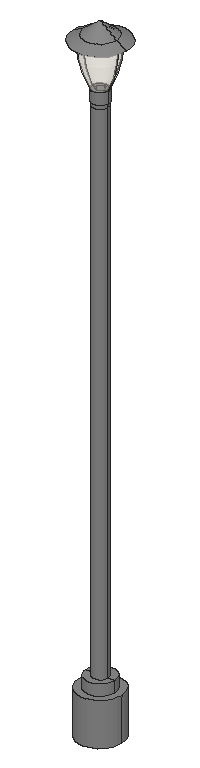
Revit family "e0069d2e33bc476fa34a9bf4c587bae0", category Lighting Fixtures, Revit 2021
Family settings
  Round Connector Dimension = Use Diameter
  Part Type = Normal
  OmniClass Number = 23.80.70.14.21
  OmniClass Title = Street and Roadway Lighting
  Seek Item ID = Street Light - Antique-0000-USA-ENU
  Work Plane-Based = No
  Always vertical = Yes
  Cut with Voids When Loaded = No
  Light Source = Yes
  Shared = No
  Room Calculation Point = No
Parameters (values of type "250W Halogen - 120V")
  Wattage = 250 W
  built-in parameter 1150110 = 1 (stored number, unit not read)
  built-in parameter 1114217 = 1 (stored number, unit not read)
  built-in parameter 1150109 = 1 (stored number, unit not read)
  built-in parameter 1150134 = 3
  built-in parameter 1150113 = 1 (stored number, unit not read)
  Tilt Angle = -90.00°
  Photometric Web File = "SLS1T4.IES"
  built-in parameter 1150115 = 1 (stored number, unit not read)
  built-in parameter 1150105 = 397.89 (stored number, unit not read)
  Load Classification = Lighting - Exterior
  built-in parameter 1150137 = 1
  built-in parameter 1150139 = (empty or 0)
  built-in parameter 1150112 = 1 (stored number, unit not read)
  built-in parameter 1150114 = 1 (stored number, unit not read)
  built-in parameter 1150132 = (empty or 0)
  built-in parameter 1150102 = (empty or 0)
  built-in parameter 1150138 = (empty or 0)
  built-in parameter 1150107 = 3200 (stored number, unit not read)
  built-in parameter 1150106 = 3.9789 (stored number, unit not read)
  built-in parameter 1150104 = 1.8581 (stored number, unit not read)
  Dimming Lamp Color Temperature Shift = <None>
  Diffuser Material = Glass, Frosted
  Default Elevation = 0' - 0"
  Color Filter = 16777215
  Voltage = 120 V
  Number of Poles = 1
  built-in parameter 1114218 = 1 (stored number, unit not read)
  built-in parameter 1150133 = 10 (stored number, unit not read)
  Assembly Code = "D5020280"
  Height = 14' - 11"
  Lamp = "T-4"
  Lumens = 5000 lm
  Shade Material = Steel, Paint Finish, Dark Gray, Matte
  Stand Material = Steel, Paint Finish, Dark Gray, Matte
  Wattage Comments = "250"
  Apparent Load = 250 VA
Types (10): name | Wattage | built-in parameter 1150134 | Tilt Angle | Photometric Web File | built-in parameter 1150105 | built-in parameter 1150107 | built-in parameter 1150106 | built-in parameter 1150104 | Voltage | Number of Poles | Height | Lamp | Lumens | Wattage Comments | Apparent Load
  (no name) | 250 W | 3 | -90.00° | "SLS1T4.IES" | 397.89 (stored number, unit not read) | 3200 (stored number, unit not read) | 3.9789 (stored number, unit not read) | 1.8581 (stored number, unit not read) | 120 V | 1 | 14' - 11" | "T-4" | 5000 lm | "250" | 250 VA
  400W Halogen - 120V | 400 W | 3 | -90.00° | "SLS1T3.ies" | 795.77 (stored number, unit not read) | 3200 (stored number, unit not read) | 7.9577 (stored number, unit not read) | 2.3226 (stored number, unit not read) | 120 V | 1 | 14' - 11" | "T-3" | 10000 lm | "400" | 400 VA
  250W Sodium - 120V | 250 W | 13 | 90.00° | "SLS1ET18.ies" | 2307.7 (stored number, unit not read) | 2100 (stored number, unit not read) | 23.077 (stored number, unit not read) | 10.777 (stored number, unit not read) | 120 V | 1 | 16' - 0" | "ET-18" | 29000 lm | "250" | 250 VA
  250W Halogen - 120V | 250 W | 3 | -90.00° | "SLS1T4.IES" | 397.89 (stored number, unit not read) | 3200 (stored number, unit not read) | 3.9789 (stored number, unit not read) | 1.8581 (stored number, unit not read) | 120 V | 1 | 14' - 11" | "T-4" | 5000 lm | "250" | 250 VA
  250W Halogen - 277V | 250 W | 3 | -90.00° | "SLS1T4.IES" | 397.89 (stored number, unit not read) | 3200 (stored number, unit not read) | 3.9789 (stored number, unit not read) | 1.8581 (stored number, unit not read) | 277 V | 1 | 14' - 11" | "T-4" | 5000 lm | "250" | 250 VA
  250W Halogen - 480V | 250 W | 3 | -90.00° | "SLS1T4.IES" | 397.89 (stored number, unit not read) | 3200 (stored number, unit not read) | 3.9789 (stored number, unit not read) | 1.8581 (stored number, unit not read) | 480 V | 3 | 14' - 11" | "T-4" | 5000 lm | "250" | 250 VA
  250W Sodium - 277V | 250 W | 13 | 90.00° | "SLS1ET18.ies" | 2307.7 (stored number, unit not read) | 2100 (stored number, unit not read) | 23.077 (stored number, unit not read) | 10.777 (stored number, unit not read) | 277 V | 1 | 16' - 0" | "ET-18" | 29000 lm | "250" | 250 VA
  250W Sodium - 480V | 250 W | 13 | 90.00° | "SLS1ET18.ies" | 2307.7 (stored number, unit not read) | 2100 (stored number, unit not read) | 23.077 (stored number, unit not read) | 10.777 (stored number, unit not read) | 480 V | 3 | 16' - 0" | "ET-18" | 29000 lm | "250" | 250 VA
  400W Halogen - 277V | 400 W | 3 | -90.00° | "SLS1T3.ies" | 795.77 (stored number, unit not read) | 3200 (stored number, unit not read) | 7.9577 (stored number, unit not read) | 2.3226 (stored number, unit not read) | 277 V | 1 | 14' - 11" | "T-3" | 10000 lm | "400" | 400 VA
  400W Halogen - 480V | 400 W | 3 | -90.00° | "SLS1T3.ies" | 795.77 (stored number, unit not read) | 3200 (stored number, unit not read) | 7.9577 (stored number, unit not read) | 2.3226 (stored number, unit not read) | 480 V | 3 | 14' - 11" | "T-3" | 10000 lm | "400" | 400 VA
Reference planes (in)
  plane 1 "Light Source Axis": y = 0
  plane 2: z = 0
  plane 3 "Light Source Axis": x = 0
  plane 4: z = 179
  plane 5: z = 174
  plane 6: z = 175.5
  plane 7: z = 162
  plane 8: z = 159
  plane 9: z = 158
  plane 10: x = -4.5
  plane 11: x = -7.5
  plane 12: x = -6.5
  plane 13: x = -3
  plane 14: x = 4
  plane 15: x = 3
  plane 16 "Light Source Elevation": z = 169
  plane 17: z = 12
Forms (in)
  Extrusion 1, solid, material "Steel, Paint Finish, Dark Gray, Matte" <- "Stand Material"
    sketch origin (0, 0, 0) x (1, 0, 0) y (0, 1, 0)
      loop
        circle (0, 0) r 6
    from 0 to 12
  Revolve 2, solid, material "Steel, Paint Finish, Dark Gray, Matte" <- "Shade Material"
    sketch origin (0, 0, 0) x (1, 0, 0) y (0, 0, 1)
      loop
        line (0, 179) -> (-4.5, 175.5) -> (-7.5, 174) -> (-4.5, 174) -> (-4.5, 174.34375) -> (-5.69447, 174.34375) -> (-4.23045, 175.07576) -> (0, 178.4162) -> (0, 179)
      loop
        line (-2.25977, 162) -> (-2.25977, 159) -> (-2.125, 159) -> (-2.125, 158) -> (-0.5, 158) -> (-0.5, 159) -> (-1.25977, 159) -> (-1.25977, 162) -> (-2.25977, 162)
      axis (0, 179) -> (0, 158)
    angle from 0 to 360
  Sweep 3, solid, material "Steel, Paint Finish, Dark Gray, Matte" <- "Stand Material"
    path origin (0, 0, 12) x (1, 0, 0) y (0, 1, 0)
      loop
        circle (0, 0) r 0.5
    profile origin (0, 0, 12) x (0, -1, 0) y (0, 0, 1)
      loop
        line (-1, 0) -> (-1, 146) -> (-2, 146) -> (-2, 3) -> (-4, 3) -> (-4, 0) -> (-1, 0)
  Revolve 4, solid, material "Glass, Frosted" <- "Diffuser Material"
    sketch origin (0, 0, 0) x (1, 0, 0) y (0, 0, 1)
      loop
        line (-2.25977, 162) -> (-2.00958, 162)
        arc (-2.00958, 162) -> (-4.29, 167.81722) -> (-5.19206, 174) r 27.37725
        line (-5.19206, 174) -> (-5.47516, 174)
        arc (-5.47516, 174) -> (-4.55714, 167.8152) -> (-2.25977, 162) r 27.37725
      axis (0, 174) -> (0, 162)
    angle from 0 to 360
Lines and regions (in)
  Masking region 1
    outline origin (0, 0, 0) x (1, 0, 0) y (0, 1, 0)
      loop
        circle (0, 0) r 6
  symbolic lines, style "Exterior"
    curve 1: arc (6, 0, 0) -> (0, 6, 0) -> (-6, 0, 0) r 6
    curve 2: arc (-6, 0, 0) -> (0, -6, 0) -> (6, 0, 0) r 6
    curve 3: arc (0.5, 0, 0) -> (0, 0.5, 0) -> (-0.5, 0, 0) r 0.5
    curve 4: arc (-0.5, 0, 0) -> (0, -0.5, 0) -> (0.5, 0, 0) r 0.5
Dimensions and locks (in)
  "Height": plane 4 to plane 2
  locked: plane 8 to plane 9 at 1
  locked: plane 7 to plane 8 at 3
  locked: plane 5 to plane 7 at 12
  locked: plane 6 to plane 5 at 1.5
  locked: plane 4 to plane 6 at 3.5
  aligned and locked: plane 10 to Revolve 2 sketch curve
  aligned and locked: plane 11 to Revolve 2 sketch curve
  aligned and locked: plane 5 to Revolve 2 sketch curve
  aligned and locked: Sweep 3 sketch curve to plane 9
  aligned and locked: Sweep 3 sketch curve to plane 17
  aligned and locked: Masking region 1 sketch curve to curve 1
  aligned and locked: imposter light to plane 3 "Light Source Axis"
  aligned and locked: plane 1 "Light Source Axis" to imposter light
  aligned and locked: imposter light to plane 5
Automatic sketch dimensions
  Extrusion 1 sketch curve to plane 1 "Light Source Axis" = 0' - 0"
  Extrusion 1 sketch curve to plane 3 "Light Source Axis" = 0' - 0"
  Extrusion 1 sketch curve to plane 3 "Light Source Axis" = 0' - 6"
  Sweep 3 sketch curve to plane 1 "Light Source Axis" = 0' - 0"
  Sweep 3 sketch curve to plane 3 "Light Source Axis" = 0' - 0"
  Sweep 3 sketch curve to plane 3 "Light Source Axis" = 0' - 0 1/2"
  Revolve 2 sketch curve to plane 10 = 0' - 0"
  Revolve 2 sketch curve to plane 7 = 0' - 0"
  Revolve 2 sketch curve to plane 8 = 0' - 0"  (x2)
  Revolve 2 sketch curve to plane 9 = 0' - 0"
  Revolve 2 sketch curve to plane 3 "Light Source Axis" = 0' - 0"
  Revolve 2 sketch curve to plane 5 = 0' - 0 11/32"
  Revolve 2 sketch curve to plane 12 = 0' - 0.80553"
  Revolve 2 sketch curve to plane 10 = 0' - 0 69/256"
  Revolve 2 sketch curve to plane 3 "Light Source Axis" = 0' - 2.25977"
  Revolve 2 sketch curve to Revolve 2 sketch curve = 0' - 0.13477"
  Revolve 2 sketch curve to Revolve 2 sketch curve = 0' - 1"
  Revolve 2 sketch curve to plane 3 "Light Source Axis" = 0' - 0 1/2"
  Revolve 2 sketch curve to plane 6 = 0' - 0"
  Revolve 2 sketch curve to plane 4 = 0' - 0"  (x2)
  plane 9 to Revolve 2 sketch curve = 0' - 3"
  plane 6 to Revolve 2 sketch curve = 0' - 0.42424"
  Revolve 2 sketch curve to Revolve 2 sketch curve = 0' - 0.5838"
  Revolve 2 sketch curve to Revolve 2 sketch curve = 0' - 10"
  Revolve 4 sketch curve to plane 5 = 0' - 0"
  Revolve 4 sketch curve to plane 7 = 0' - 0"
  Revolve 4 sketch curve to plane 3 "Light Source Axis" = 0' - 0"
  Revolve 4 sketch curve to plane 3 "Light Source Axis" = 0' - 2.00958"
  Revolve 4 sketch curve to Revolve 4 sketch curve = 0' - 0.2502"
  Revolve 4 sketch curve to plane 3 "Light Source Axis" = 0' - 5.19206"
  Revolve 4 sketch curve to Revolve 4 sketch curve = 0' - 0.2831"
  Revolve 4 sketch curve to plane 5 = 0' - 0.90096"
  Revolve 4 sketch curve to Revolve 4 sketch curve = 0' - 0.28519"
  Revolve 4 sketch curve to plane 8 = 0' - 1"
  Revolve 4 sketch curve to plane 4 = 0' - 7"
  curve 1 to plane 1 "Light Source Axis" = 0' - 0"
  curve 4 to plane 1 "Light Source Axis" = 0' - 0"
  curve 2 to plane 3 "Light Source Axis" = 0' - 0"
  curve 3 to plane 3 "Light Source Axis" = 0' - 0"
  curve 3 to plane 3 "Light Source Axis" = 0' - 0 1/2"
  curve 2 to plane 12 = 0' - 0 1/2"
  profile plane to Sweep 3 sketch curve = 0' - 3 1/2"
  profile plane to Sweep 3 sketch curve = 0' - 1 1/2"
  profile plane to Sweep 3 sketch curve = 0' - 0 1/2"
  Sweep 3 sketch curve to Sweep 3 sketch curve = 0' - 3"
Connectors (in)
  electrical at (0, 0, 158), driven by "Apparent Load", driven by "Voltage", driven by "Number of Poles", driven by "Load Classification"
    settings: on Revolve 2, index 1, voltage 120 V, apparent load 0 VA, apparent load phase1 250 VA, apparent load phase2 0 VA, apparent load phase3 0 VA, power factor 0.95, load classification "Lighting - Exterior", number of poles 1, system type 31, power factor state 1, is connector primary yes, connector utility no, sub classification motor no, connector description ""
